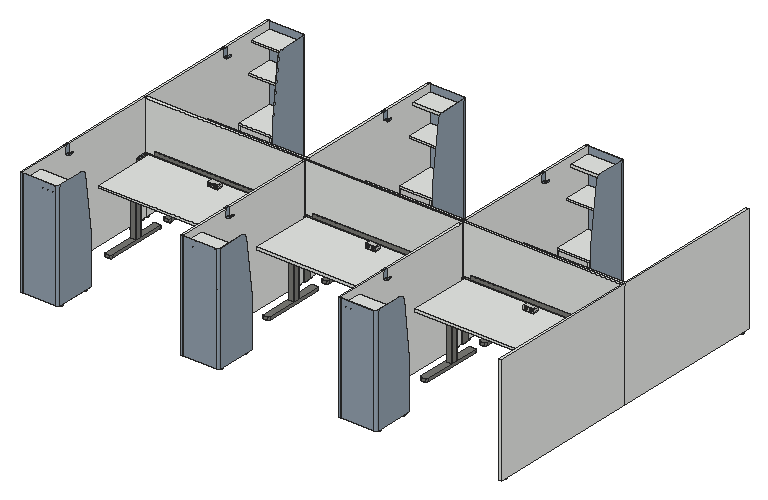
Revit family "Layout-Teknion-Expansion_Cityline_Height_Adjustable_Workstation_10-R2021", category Furniture Systems, Revit 2021
Family settings
  Round Connector Dimension = Use Diameter
  Part Type = Normal
  OmniClass Number = 23.40.70.14.64.21
  OmniClass Title = Systems Furniture
  Work Plane-Based = No
  Always vertical = Yes
  Cut with Voids When Loaded = No
  Shared = Yes
  Room Calculation Point = No
Parameters (values of type "Expansion Cityline Height-Adjustable Workstation 10")
  Warranty = "http://www.teknion.com/ca/papers/legal-canada"
  Unit Weight URL = "http://www.teknion.com/ca/tools/assets#&asset=bee6a381-b954-425e-8283-5a2de3a804f2,f828d448-4b62-4231-9e5f-9a8991c0ed77"
  URL = "www.teknion.com"
  To render please download texture images found here [instance] = "https://assets.teknion.com/web/5e81352c1dfdb467/revit-material-swatches/"
  Sustainability Data = "https://www.teknion.com/ca/tools/assets#&topic=216f99a5-57a0-44fc-b10a-9dee9b29ae4c&asset=444deb64-fe58-4b68-981e-f75e97781df7,b4ff2d81-9f2e-437d-9659-7cffb09c31cf"
  Series = "Expansion Cityline"  # constant formula
  Product Page URL = "https://www.teknionplanningtool.com/#?Expansion-Cityline-HAWorkstation10"
  Product Line = "Expansion Cityline"  # constant formula
  Model = "Expansion Cityline Height-Adjustable Workstation Layout 10"
  Material Finish Note [instance] = "Click on Edit Family to change the finishes."  # constant formula
  Manufacturer Phone = "416-661-3370"  # constant formula
  Manufacturer Fax = "416.661.4586"  # constant formula
  Manufacturer Contact Information = "http://www.teknion.com/ca/contactus"
  Manufacturer Address = "1150 Flint Road, Toronto, ON. M3J 2J5. Canada"  # constant formula
  Manufacturer = "Teknion"  # constant formula
  How To Use Teknion Materials User Guide [instance] = "https://assets.teknion.com/m/205dd0a49fa58060/original/How-to-add-a-Material-Library-and-Texture-Images-to-your-Revit-project.pdf"
  For Additional Finishes please visit [instance] = "https://assets.teknion.com/m/44a8009b046e5d47/original/Teknion_Materials_Library.zip"
  Description = "18'-8 1/2\" x 12'-0\" Overall"
  Default Elevation = 0.000"
  Assembly Code = "E2020200"
Reference planes (in)
  plane 1 "Center F/B": y = 324.47362
  plane 2: z = 0
  plane 3 "Center L/R": x = 413.12116
  plane 4 "Top": z = 50.87824
  plane 5: x = 300.86919
  plane 6: y = 252.41457
  plane 7: y = 396.53267
  plane 8: x = 525.37313
Dimensions and locks (in)
  plane 4 "Top" to level = 50.87824"
  equal spacing: plane 7, plane 1 "Center F/B", plane 6
  plane 7 to plane 6 = 144.1181"
  equal spacing: plane 5, plane 3 "Center L/R", plane 8
  plane 5 to plane 8 = 224.50394"
  aligned and locked: level to plane 2
Nested families (in)
  nested 1: "Screen-Teknion-JNSFOT_Floor_Screen_With_Metal_Tower_Open_Leg_Mounted_Two_Users-R2020" at (301.88494, 324.53271, 0) x (0, 1, 0) z (0, 0, 1), type "51" Datum Height, No Pass-Through, No Accessory"
    with Width 144.000", To render please download texture images found here "https://assets.teknion.com/web/5e81352c1dfdb467/revit-material-swatches/", Screen Finish Laminate - Teknion - 3T -Crisp Grey, Metal Tower Finish Paint - Teknion - CJ - Chroma Metal - Atmosphere, How To Use Teknion Materials User Guide "https://assets.teknion.com/m/205dd0a49fa58060/original/How-to-add-a-Material-Library-and-Texture-Images-to-your-Revit-project.pdf", Hook Finish Paint - Teknion - CJ - Chroma Metal - Atmosphere, Hardware Finish Paint - Teknion - CJ - Chroma Metal - Atmosphere, For Additional Finishes please visit "https://assets.teknion.com/m/44a8009b046e5d47/original/Teknion_Materials_Library.zip", Available Width "132, 144, 156 & 168 Inch"
  nested 2: "Screen-Teknion-JZSFOP_Floor_Screen_With_Metal_Tower_Open_EZ_Fence_Post_Mounted-R2021" at (376.29242, 318.47377, 0) x (0, 1, 0) z (0, 0, 1), type "51" Datum Height, Half-Beam Width Reduction, No Accessory"
    with Width 72.000", To render please download texture images found here "https://assets.teknion.com/web/5e81352c1dfdb467/revit-material-swatches/", Screen Width 70.543", Screen Finish Laminate - Teknion - 3T -Crisp Grey, Metal Tower Finish Paint - Teknion - CJ - Chroma Metal - Atmosphere, How To Use Teknion Materials User Guide "https://assets.teknion.com/m/205dd0a49fa58060/original/How-to-add-a-Material-Library-and-Texture-Images-to-your-Revit-project.pdf", Hook Finish Paint - Teknion - CJ - Chroma Metal - Atmosphere, Hardware Finish Paint - Teknion - CJ - Chroma Metal - Atmosphere, For Additional Finishes please visit "https://assets.teknion.com/m/44a8009b046e5d47/original/Teknion_Materials_Library.zip", Available Width "66, 72, 78 & 84 Inch"
  nested 3: "Screen-Teknion-JZSFOP_Floor_Screen_With_Metal_Tower_Open_EZ_Fence_Post_Mounted-R2021" at (449.9499, 318.47377, 0) x (0, 1, 0) z (0, 0, 1), type "51" Datum Height, Half-Beam Width Reduction, No Accessory"
    with Width 72.000", To render please download texture images found here "https://assets.teknion.com/web/5e81352c1dfdb467/revit-material-swatches/", Screen Width 70.543", Screen Finish Laminate - Teknion - 3T -Crisp Grey, Metal Tower Finish Paint - Teknion - CJ - Chroma Metal - Atmosphere, How To Use Teknion Materials User Guide "https://assets.teknion.com/m/205dd0a49fa58060/original/How-to-add-a-Material-Library-and-Texture-Images-to-your-Revit-project.pdf", Hook Finish Paint - Teknion - CJ - Chroma Metal - Atmosphere, Hardware Finish Paint - Teknion - CJ - Chroma Metal - Atmosphere, For Additional Finishes please visit "https://assets.teknion.com/m/44a8009b046e5d47/original/Teknion_Materials_Library.zip", Available Width "66, 72, 78 & 84 Inch"
  nested 4: "Screen-Teknion-JZSFOP_Floor_Screen_With_Metal_Tower_Open_EZ_Fence_Post_Mounted-R2021" at (376.29242, 330.47347, 0) x (0, -1, 0) z (0, 0, 1), type "51" Datum Height, Half-Beam Width Reduction, No Accessory"
    with Width 72.000", To render please download texture images found here "https://assets.teknion.com/web/5e81352c1dfdb467/revit-material-swatches/", Screen Width 70.543", Screen Finish Laminate - Teknion - 3T -Crisp Grey, Metal Tower Finish Paint - Teknion - CJ - Chroma Metal - Atmosphere, How To Use Teknion Materials User Guide "https://assets.teknion.com/m/205dd0a49fa58060/original/How-to-add-a-Material-Library-and-Texture-Images-to-your-Revit-project.pdf", Hook Finish Paint - Teknion - CJ - Chroma Metal - Atmosphere, Hardware Finish Paint - Teknion - CJ - Chroma Metal - Atmosphere, For Additional Finishes please visit "https://assets.teknion.com/m/44a8009b046e5d47/original/Teknion_Materials_Library.zip", Available Width "66, 72, 78 & 84 Inch"
  nested 5: "Screen-Teknion-JZSFOP_Floor_Screen_With_Metal_Tower_Open_EZ_Fence_Post_Mounted-R2021" at (449.9499, 330.47347, 0) x (0, -1, 0) z (0, 0, 1), type "51" Datum Height, Half-Beam Width Reduction, No Accessory"
    with Width 72.000", To render please download texture images found here "https://assets.teknion.com/web/5e81352c1dfdb467/revit-material-swatches/", Screen Width 70.543", Screen Finish Laminate - Teknion - 3T -Crisp Grey, Metal Tower Finish Paint - Teknion - CJ - Chroma Metal - Atmosphere, How To Use Teknion Materials User Guide "https://assets.teknion.com/m/205dd0a49fa58060/original/How-to-add-a-Material-Library-and-Texture-Images-to-your-Revit-project.pdf", Hook Finish Paint - Teknion - CJ - Chroma Metal - Atmosphere, Hardware Finish Paint - Teknion - CJ - Chroma Metal - Atmosphere, For Additional Finishes please visit "https://assets.teknion.com/m/44a8009b046e5d47/original/Teknion_Materials_Library.zip", Available Width "66, 72, 78 & 84 Inch"
  nested 6: "Screen-Teknion-JNSFST_Floor_Screen_Leg_Mounted_Two_Users-R2020" at (524.35738, 324.47362, 0) x (0, -1, 0) z (0, 0, 1), type "51" Datum Height, No Pass-Through"
    with Width 144.000", To render please download texture images found here "https://assets.teknion.com/web/5e81352c1dfdb467/revit-material-swatches/", Standard Corner yes, Screen Finish Laminate - Teknion - 3T -Crisp Grey, Radius Corner no, How To Use Teknion Materials User Guide "https://assets.teknion.com/m/205dd0a49fa58060/original/How-to-add-a-Material-Library-and-Texture-Images-to-your-Revit-project.pdf", Hardware Finish Paint - Teknion - CJ - Chroma Metal - Atmosphere, For Additional Finishes please visit "https://assets.teknion.com/m/44a8009b046e5d47/original/Teknion_Materials_Library.zip", Corner Detail Option "Select Corner Detail Option. Standard Corner is Default.", Available Width "36, 48, 60, 72, 84, 96, 108, 120, 132, 144, 156 & 168 Inch"
  nested 7: "Support-Teknion-JNXRMH_hiSpace_Quick_Connect_Height_Adjustable_Mechanism_Rectangular-R2021" at (339.0183, 307.32, 0), type "Extended Electric – Extended, 29" Depth, User Optimized Width Configuration"
    with Width 67.000", To render please download texture images found here "https://assets.teknion.com/web/5e81352c1dfdb467/revit-material-swatches/", Powerbar yes, How To Use Teknion Materials User Guide "https://assets.teknion.com/m/205dd0a49fa58060/original/How-to-add-a-Material-Library-and-Texture-Images-to-your-Revit-project.pdf", For Additional Finishes please visit "https://assets.teknion.com/m/44a8009b046e5d47/original/Teknion_Materials_Library.zip", Base Mechanism(Height) 27.811", Base Finish Paint - Teknion - Mica - Anthracite, Available Width "46,49,52,55,58,61,64,67,70 inch", Available Base Mechanism(Height) "22.6 -48.7 inches"
  nested 8: "Worksurface-Teknion-JNXRW_hiSpace_Rectangular_Worksurface_With_Quick_Connect_Kit-R2021" at (339.0183, 307.28071, 0), type "Square Cut-Out - Center"
    with Worksurface Finish Laminate - Teknion - 3T -Crisp Grey, Width Configuration Option "Select Width Configuration. Standard Width are Default", Width Configuration Distance 1.110", Width 67.000", User Optimized Width (Accessory Restriction) yes, To render please download texture images found here "https://assets.teknion.com/web/5e81352c1dfdb467/revit-material-swatches/", Standard Width no, Standard yes, Square Cut-Out - Distance 4.553", Node - Cut-Out Right no, Node - Cut-Out Left no, Node - Cut-Out Center yes, Masking Region - Standard Corner, SR no, Masking Region - Standard Corner, SL no, Masking Region - Standard Corner, SC yes, Masking Region - Standard Corner, NN no, Masking Region - Standard Corner, DR no, Masking Region - Standard Corner, DL no, Masking Region - Standard Corner, DC no, Masking Region - Standard Corner, CR no, Masking Region - Standard Corner, CL no, Masking Region - Curved Corner, SR no, Masking Region - Curved Corner, SL no, Masking Region - Curved Corner, SC no, Masking Region - Curved Corner, NN no, Masking Region - Curved Corner, DR no, Masking Region - Curved Corner, DL no, Masking Region - Curved Corner, DC no, Masking Region - Curved Corner, CR no, Masking Region - Curved Corner, CL no, How To Use Teknion Materials User Guide "https://assets.teknion.com/m/205dd0a49fa58060/original/How-to-add-a-Material-Library-and-Texture-Images-to-your-Revit-project.pdf", Frame Finish Paint - Teknion - Mica - Anthracite, For Additional Finishes please visit "https://assets.teknion.com/m/44a8009b046e5d47/original/Teknion_Materials_Library.zip", Diamond Cut-Out - Distance 3.358", Depth 29.000", Curved no, Corner Detail Option "Select Corner Detail. Curved are Default", Available Width "46, 49, 52, 55, 58, 61, 64, 67 & 70 Inch", Available Depth "23 & 29 Inch"
  nested 9: "Support-Teknion-JNXRMH_hiSpace_Quick_Connect_Height_Adjustable_Mechanism_Rectangular-R2021" at (412.67579, 307.32, 0), type "Extended Electric – Extended, 29" Depth, User Optimized Width Configuration"
    with Width 67.000", To render please download texture images found here "https://assets.teknion.com/web/5e81352c1dfdb467/revit-material-swatches/", Powerbar yes, How To Use Teknion Materials User Guide "https://assets.teknion.com/m/205dd0a49fa58060/original/How-to-add-a-Material-Library-and-Texture-Images-to-your-Revit-project.pdf", For Additional Finishes please visit "https://assets.teknion.com/m/44a8009b046e5d47/original/Teknion_Materials_Library.zip", Base Mechanism(Height) 27.811", Base Finish Paint - Teknion - Mica - Anthracite, Available Width "46,49,52,55,58,61,64,67,70 inch", Available Base Mechanism(Height) "22.6 -48.7 inches"
  nested 10: "Worksurface-Teknion-JNXRW_hiSpace_Rectangular_Worksurface_With_Quick_Connect_Kit-R2021" at (412.67579, 307.28071, 0), type "Square Cut-Out - Center"
    with Worksurface Finish Laminate - Teknion - 3T -Crisp Grey, Width Configuration Option "Select Width Configuration. Standard Width are Default", Width Configuration Distance 1.110", Width 67.000", User Optimized Width (Accessory Restriction) yes, To render please download texture images found here "https://assets.teknion.com/web/5e81352c1dfdb467/revit-material-swatches/", Standard Width no, Standard yes, Square Cut-Out - Distance 4.553", Node - Cut-Out Right no, Node - Cut-Out Left no, Node - Cut-Out Center yes, Masking Region - Standard Corner, SR no, Masking Region - Standard Corner, SL no, Masking Region - Standard Corner, SC yes, Masking Region - Standard Corner, NN no, Masking Region - Standard Corner, DR no, Masking Region - Standard Corner, DL no, Masking Region - Standard Corner, DC no, Masking Region - Standard Corner, CR no, Masking Region - Standard Corner, CL no, Masking Region - Curved Corner, SR no, Masking Region - Curved Corner, SL no, Masking Region - Curved Corner, SC no, Masking Region - Curved Corner, NN no, Masking Region - Curved Corner, DR no, Masking Region - Curved Corner, DL no, Masking Region - Curved Corner, DC no, Masking Region - Curved Corner, CR no, Masking Region - Curved Corner, CL no, How To Use Teknion Materials User Guide "https://assets.teknion.com/m/205dd0a49fa58060/original/How-to-add-a-Material-Library-and-Texture-Images-to-your-Revit-project.pdf", Frame Finish Paint - Teknion - Mica - Anthracite, For Additional Finishes please visit "https://assets.teknion.com/m/44a8009b046e5d47/original/Teknion_Materials_Library.zip", Diamond Cut-Out - Distance 3.358", Depth 29.000", Curved no, Corner Detail Option "Select Corner Detail. Curved are Default", Available Width "46, 49, 52, 55, 58, 61, 64, 67 & 70 Inch", Available Depth "23 & 29 Inch"
  nested 11: "Support-Teknion-JNXRMH_hiSpace_Quick_Connect_Height_Adjustable_Mechanism_Rectangular-R2021" at (486.33327, 307.32, 0), type "Extended Electric – Extended, 29" Depth, User Optimized Width Configuration"
    with Width 67.000", To render please download texture images found here "https://assets.teknion.com/web/5e81352c1dfdb467/revit-material-swatches/", Powerbar yes, How To Use Teknion Materials User Guide "https://assets.teknion.com/m/205dd0a49fa58060/original/How-to-add-a-Material-Library-and-Texture-Images-to-your-Revit-project.pdf", For Additional Finishes please visit "https://assets.teknion.com/m/44a8009b046e5d47/original/Teknion_Materials_Library.zip", Base Mechanism(Height) 27.811", Base Finish Paint - Teknion - Mica - Anthracite, Available Width "46,49,52,55,58,61,64,67,70 inch", Available Base Mechanism(Height) "22.6 -48.7 inches"
  nested 12: "Worksurface-Teknion-JNXRW_hiSpace_Rectangular_Worksurface_With_Quick_Connect_Kit-R2021" at (486.33327, 307.28071, 0), type "Square Cut-Out - Center"
    with Worksurface Finish Laminate - Teknion - 3T -Crisp Grey, Width Configuration Option "Select Width Configuration. Standard Width are Default", Width Configuration Distance 1.110", Width 67.000", User Optimized Width (Accessory Restriction) yes, To render please download texture images found here "https://assets.teknion.com/web/5e81352c1dfdb467/revit-material-swatches/", Standard Width no, Standard yes, Square Cut-Out - Distance 4.553", Node - Cut-Out Right no, Node - Cut-Out Left no, Node - Cut-Out Center yes, Masking Region - Standard Corner, SR no, Masking Region - Standard Corner, SL no, Masking Region - Standard Corner, SC yes, Masking Region - Standard Corner, NN no, Masking Region - Standard Corner, DR no, Masking Region - Standard Corner, DL no, Masking Region - Standard Corner, DC no, Masking Region - Standard Corner, CR no, Masking Region - Standard Corner, CL no, Masking Region - Curved Corner, SR no, Masking Region - Curved Corner, SL no, Masking Region - Curved Corner, SC no, Masking Region - Curved Corner, NN no, Masking Region - Curved Corner, DR no, Masking Region - Curved Corner, DL no, Masking Region - Curved Corner, DC no, Masking Region - Curved Corner, CR no, Masking Region - Curved Corner, CL no, How To Use Teknion Materials User Guide "https://assets.teknion.com/m/205dd0a49fa58060/original/How-to-add-a-Material-Library-and-Texture-Images-to-your-Revit-project.pdf", Frame Finish Paint - Teknion - Mica - Anthracite, For Additional Finishes please visit "https://assets.teknion.com/m/44a8009b046e5d47/original/Teknion_Materials_Library.zip", Diamond Cut-Out - Distance 3.358", Depth 29.000", Curved no, Corner Detail Option "Select Corner Detail. Curved are Default", Available Width "46, 49, 52, 55, 58, 61, 64, 67 & 70 Inch", Available Depth "23 & 29 Inch"
  nested 13: "Support-Teknion-JNXRMH_hiSpace_Quick_Connect_Height_Adjustable_Mechanism_Rectangular-R2021" at (486.33326, 341.62724, 0) x (-1, 0, 0) z (0, 0, 1), type "Extended Electric – Extended, 29" Depth, User Optimized Width Configuration"
    with Width 67.000", To render please download texture images found here "https://assets.teknion.com/web/5e81352c1dfdb467/revit-material-swatches/", Powerbar yes, How To Use Teknion Materials User Guide "https://assets.teknion.com/m/205dd0a49fa58060/original/How-to-add-a-Material-Library-and-Texture-Images-to-your-Revit-project.pdf", For Additional Finishes please visit "https://assets.teknion.com/m/44a8009b046e5d47/original/Teknion_Materials_Library.zip", Base Mechanism(Height) 27.811", Base Finish Paint - Teknion - Mica - Anthracite, Available Width "46,49,52,55,58,61,64,67,70 inch", Available Base Mechanism(Height) "22.6 -48.7 inches"
  nested 14: "Worksurface-Teknion-JNXRW_hiSpace_Rectangular_Worksurface_With_Quick_Connect_Kit-R2021" at (486.33326, 341.66653, 0) x (-1, 0, 0) z (0, 0, 1), type "Square Cut-Out - Center"
    with Worksurface Finish Laminate - Teknion - 3T -Crisp Grey, Width Configuration Option "Select Width Configuration. Standard Width are Default", Width Configuration Distance 1.110", Width 67.000", User Optimized Width (Accessory Restriction) yes, To render please download texture images found here "https://assets.teknion.com/web/5e81352c1dfdb467/revit-material-swatches/", Standard Width no, Standard yes, Square Cut-Out - Distance 4.553", Node - Cut-Out Right no, Node - Cut-Out Left no, Node - Cut-Out Center yes, Masking Region - Standard Corner, SR no, Masking Region - Standard Corner, SL no, Masking Region - Standard Corner, SC yes, Masking Region - Standard Corner, NN no, Masking Region - Standard Corner, DR no, Masking Region - Standard Corner, DL no, Masking Region - Standard Corner, DC no, Masking Region - Standard Corner, CR no, Masking Region - Standard Corner, CL no, Masking Region - Curved Corner, SR no, Masking Region - Curved Corner, SL no, Masking Region - Curved Corner, SC no, Masking Region - Curved Corner, NN no, Masking Region - Curved Corner, DR no, Masking Region - Curved Corner, DL no, Masking Region - Curved Corner, DC no, Masking Region - Curved Corner, CR no, Masking Region - Curved Corner, CL no, How To Use Teknion Materials User Guide "https://assets.teknion.com/m/205dd0a49fa58060/original/How-to-add-a-Material-Library-and-Texture-Images-to-your-Revit-project.pdf", Frame Finish Paint - Teknion - Mica - Anthracite, For Additional Finishes please visit "https://assets.teknion.com/m/44a8009b046e5d47/original/Teknion_Materials_Library.zip", Diamond Cut-Out - Distance 3.358", Depth 29.000", Curved no, Corner Detail Option "Select Corner Detail. Curved are Default", Available Width "46, 49, 52, 55, 58, 61, 64, 67 & 70 Inch", Available Depth "23 & 29 Inch"
  nested 15: "Support-Teknion-JNXRMH_hiSpace_Quick_Connect_Height_Adjustable_Mechanism_Rectangular-R2021" at (412.67578, 341.62724, 0) x (-1, 0, 0) z (0, 0, 1), type "Extended Electric – Extended, 29" Depth, User Optimized Width Configuration"
    with Width 67.000", To render please download texture images found here "https://assets.teknion.com/web/5e81352c1dfdb467/revit-material-swatches/", Powerbar yes, How To Use Teknion Materials User Guide "https://assets.teknion.com/m/205dd0a49fa58060/original/How-to-add-a-Material-Library-and-Texture-Images-to-your-Revit-project.pdf", For Additional Finishes please visit "https://assets.teknion.com/m/44a8009b046e5d47/original/Teknion_Materials_Library.zip", Base Mechanism(Height) 27.811", Base Finish Paint - Teknion - Mica - Anthracite, Available Width "46,49,52,55,58,61,64,67,70 inch", Available Base Mechanism(Height) "22.6 -48.7 inches"
  nested 16: "Worksurface-Teknion-JNXRW_hiSpace_Rectangular_Worksurface_With_Quick_Connect_Kit-R2021" at (412.67578, 341.66653, 0) x (-1, 0, 0) z (0, 0, 1), type "Square Cut-Out - Center"
    with Worksurface Finish Laminate - Teknion - 3T -Crisp Grey, Width Configuration Option "Select Width Configuration. Standard Width are Default", Width Configuration Distance 1.110", Width 67.000", User Optimized Width (Accessory Restriction) yes, To render please download texture images found here "https://assets.teknion.com/web/5e81352c1dfdb467/revit-material-swatches/", Standard Width no, Standard yes, Square Cut-Out - Distance 4.553", Node - Cut-Out Right no, Node - Cut-Out Left no, Node - Cut-Out Center yes, Masking Region - Standard Corner, SR no, Masking Region - Standard Corner, SL no, Masking Region - Standard Corner, SC yes, Masking Region - Standard Corner, NN no, Masking Region - Standard Corner, DR no, Masking Region - Standard Corner, DL no, Masking Region - Standard Corner, DC no, Masking Region - Standard Corner, CR no, Masking Region - Standard Corner, CL no, Masking Region - Curved Corner, SR no, Masking Region - Curved Corner, SL no, Masking Region - Curved Corner, SC no, Masking Region - Curved Corner, NN no, Masking Region - Curved Corner, DR no, Masking Region - Curved Corner, DL no, Masking Region - Curved Corner, DC no, Masking Region - Curved Corner, CR no, Masking Region - Curved Corner, CL no, How To Use Teknion Materials User Guide "https://assets.teknion.com/m/205dd0a49fa58060/original/How-to-add-a-Material-Library-and-Texture-Images-to-your-Revit-project.pdf", Frame Finish Paint - Teknion - Mica - Anthracite, For Additional Finishes please visit "https://assets.teknion.com/m/44a8009b046e5d47/original/Teknion_Materials_Library.zip", Diamond Cut-Out - Distance 3.358", Depth 29.000", Curved no, Corner Detail Option "Select Corner Detail. Curved are Default", Available Width "46, 49, 52, 55, 58, 61, 64, 67 & 70 Inch", Available Depth "23 & 29 Inch"
  nested 17: "Support-Teknion-JNXRMH_hiSpace_Quick_Connect_Height_Adjustable_Mechanism_Rectangular-R2021" at (339.0183, 341.62724, 0) x (-1, 0, 0) z (0, 0, 1), type "Extended Electric – Extended, 29" Depth, User Optimized Width Configuration"
    with Width 67.000", To render please download texture images found here "https://assets.teknion.com/web/5e81352c1dfdb467/revit-material-swatches/", Powerbar yes, How To Use Teknion Materials User Guide "https://assets.teknion.com/m/205dd0a49fa58060/original/How-to-add-a-Material-Library-and-Texture-Images-to-your-Revit-project.pdf", For Additional Finishes please visit "https://assets.teknion.com/m/44a8009b046e5d47/original/Teknion_Materials_Library.zip", Base Mechanism(Height) 27.811", Base Finish Paint - Teknion - Mica - Anthracite, Available Width "46,49,52,55,58,61,64,67,70 inch", Available Base Mechanism(Height) "22.6 -48.7 inches"
  nested 18: "Worksurface-Teknion-JNXRW_hiSpace_Rectangular_Worksurface_With_Quick_Connect_Kit-R2021" at (339.0183, 341.66653, 0) x (-1, 0, 0) z (0, 0, 1), type "Square Cut-Out - Center"
    with Worksurface Finish Laminate - Teknion - 3T -Crisp Grey, Width Configuration Option "Select Width Configuration. Standard Width are Default", Width Configuration Distance 1.110", Width 67.000", User Optimized Width (Accessory Restriction) yes, To render please download texture images found here "https://assets.teknion.com/web/5e81352c1dfdb467/revit-material-swatches/", Standard Width no, Standard yes, Square Cut-Out - Distance 4.553", Node - Cut-Out Right no, Node - Cut-Out Left no, Node - Cut-Out Center yes, Masking Region - Standard Corner, SR no, Masking Region - Standard Corner, SL no, Masking Region - Standard Corner, SC yes, Masking Region - Standard Corner, NN no, Masking Region - Standard Corner, DR no, Masking Region - Standard Corner, DL no, Masking Region - Standard Corner, DC no, Masking Region - Standard Corner, CR no, Masking Region - Standard Corner, CL no, Masking Region - Curved Corner, SR no, Masking Region - Curved Corner, SL no, Masking Region - Curved Corner, SC no, Masking Region - Curved Corner, NN no, Masking Region - Curved Corner, DR no, Masking Region - Curved Corner, DL no, Masking Region - Curved Corner, DC no, Masking Region - Curved Corner, CR no, Masking Region - Curved Corner, CL no, How To Use Teknion Materials User Guide "https://assets.teknion.com/m/205dd0a49fa58060/original/How-to-add-a-Material-Library-and-Texture-Images-to-your-Revit-project.pdf", Frame Finish Paint - Teknion - Mica - Anthracite, For Additional Finishes please visit "https://assets.teknion.com/m/44a8009b046e5d47/original/Teknion_Materials_Library.zip", Diamond Cut-Out - Distance 3.358", Depth 29.000", Curved no, Corner Detail Option "Select Corner Detail. Curved are Default", Available Width "46, 49, 52, 55, 58, 61, 64, 67 & 70 Inch", Available Depth "23 & 29 Inch"
  nested 19: "Desk_Structures-Teknion-JZSFS_EZ_Fence_Leg-R2021" at (301.8062, 324.47362, 0), type "End"
    with With Top Cover no, Top Option "Select Top Option. Has Top Cover is default.", To render please download texture images found here "https://assets.teknion.com/web/5e81352c1dfdb467/revit-material-swatches/", No Top Cover yes, How To Use Teknion Materials User Guide "https://assets.teknion.com/m/205dd0a49fa58060/original/How-to-add-a-Material-Library-and-Texture-Images-to-your-Revit-project.pdf", Frame Finish Paint - Teknion - Mica - Anthracite, For Additional Finishes please visit "https://assets.teknion.com/m/44a8009b046e5d47/original/Teknion_Materials_Library.zip", 2D - In-Line with Top Cover no, 2D - In-Line w/o Top Cover no, 2D - End with Top Cover no, 2D - End w/o Top Cover yes
  nested 20: "Desk_Structures-Teknion-JZSFS_EZ_Fence_Leg-R2021" at (524.43612, 324.47362, 0) x (-1, 0, 0) z (0, 0, 1), type "End"
    with With Top Cover no, Top Option "Select Top Option. Has Top Cover is default.", To render please download texture images found here "https://assets.teknion.com/web/5e81352c1dfdb467/revit-material-swatches/", No Top Cover yes, How To Use Teknion Materials User Guide "https://assets.teknion.com/m/205dd0a49fa58060/original/How-to-add-a-Material-Library-and-Texture-Images-to-your-Revit-project.pdf", Frame Finish Paint - Teknion - Mica - Anthracite, For Additional Finishes please visit "https://assets.teknion.com/m/44a8009b046e5d47/original/Teknion_Materials_Library.zip", 2D - In-Line with Top Cover no, 2D - In-Line w/o Top Cover no, 2D - End with Top Cover no, 2D - End w/o Top Cover yes
  nested 21: "Desk_Structure-Teknion-JZSBB_EZ_Fence_Beam-R2021" at (295.8067, 324.47362, 0), type "No Opening"
    with Width 72.000", To render please download texture images found here "https://assets.teknion.com/web/5e81352c1dfdb467/revit-material-swatches/", Screen Cut-Out 1.000", Right Power Opening Cut out 0.100", Right Opening Position no, Right Data Opening Cut out 0.100", Power and Data Openning Option "Please select one configuration below", No Screen no, Lift & Drop Tile Cut-Out 0.500", Lift & Drop Tile no, Left Power Opening Cut Out 0.100", Left Opening Position no, Left Data Opening Cut out 0.090", How To Use Teknion Materials User Guide "https://assets.teknion.com/m/205dd0a49fa58060/original/How-to-add-a-Material-Library-and-Texture-Images-to-your-Revit-project.pdf", For Additional Finishes please visit "https://assets.teknion.com/m/44a8009b046e5d47/original/Teknion_Materials_Library.zip", Finish Paint - Teknion - Mica - Anthracite, EZ Add-On Screen yes, Database Notes "When Power and Data Opening (NN) is selected, then Opening Position C-L-R are not available. When Power and Data Opening (DO) - (DT) - (PO) - (PT) is selected, then Opening Position N is not available. When width 48-54-60 and Power and Data Opening (DO) - (DT) - (PO) - (PT) are selected, then Opening Position C is not available ", Configuration Option "Please select one configuration below", Center Power Opening Cut Out 0.100", Center Opening Position no, Center Data Opening Cut Out 0.090", Available Width "48, 54, 60, 66,72, 78, 84 Inch", Actual Width 72.157", 2D Right Power two sided opening no, 2D Right Power one sided opening no, 2D Right Data two sided opening no, 2D Right Data one sided opening no, 2D Left Power two sided opening no, 2D Left Power one sided opening no, 2D Left Data two sided opening no, 2D Left Data one sided opening no, 2D Center Power two sided opening no, 2D Center Power one sided opening no, 2D Center Data two sided opening no, 2D Center Data one sided opening no
  nested 22: "Desk_Structure-Teknion-JZSBB_EZ_Fence_Beam-R2021" at (443.12066, 324.47362, 0), type "No Opening"
    with Width 72.000", To render please download texture images found here "https://assets.teknion.com/web/5e81352c1dfdb467/revit-material-swatches/", Screen Cut-Out 1.000", Right Power Opening Cut out 0.100", Right Opening Position no, Right Data Opening Cut out 0.100", Power and Data Openning Option "Please select one configuration below", No Screen no, Lift & Drop Tile Cut-Out 0.500", Lift & Drop Tile no, Left Power Opening Cut Out 0.100", Left Opening Position no, Left Data Opening Cut out 0.090", How To Use Teknion Materials User Guide "https://assets.teknion.com/m/205dd0a49fa58060/original/How-to-add-a-Material-Library-and-Texture-Images-to-your-Revit-project.pdf", For Additional Finishes please visit "https://assets.teknion.com/m/44a8009b046e5d47/original/Teknion_Materials_Library.zip", Finish Paint - Teknion - Mica - Anthracite, EZ Add-On Screen yes, Database Notes "When Power and Data Opening (NN) is selected, then Opening Position C-L-R are not available. When Power and Data Opening (DO) - (DT) - (PO) - (PT) is selected, then Opening Position N is not available. When width 48-54-60 and Power and Data Opening (DO) - (DT) - (PO) - (PT) are selected, then Opening Position C is not available ", Configuration Option "Please select one configuration below", Center Power Opening Cut Out 0.100", Center Opening Position no, Center Data Opening Cut Out 0.090", Available Width "48, 54, 60, 66,72, 78, 84 Inch", Actual Width 72.157", 2D Right Power two sided opening no, 2D Right Power one sided opening no, 2D Right Data two sided opening no, 2D Right Data one sided opening no, 2D Left Power two sided opening no, 2D Left Power one sided opening no, 2D Left Data two sided opening no, 2D Left Data one sided opening no, 2D Center Power two sided opening no, 2D Center Power one sided opening no, 2D Center Data two sided opening no, 2D Center Data one sided opening no
  nested 23: "Desk_Structure-Teknion-JZSBB_EZ_Fence_Beam-R2021" at (369.46418, 324.4734, 0), type "No Opening"
    with Width 72.000", To render please download texture images found here "https://assets.teknion.com/web/5e81352c1dfdb467/revit-material-swatches/", Screen Cut-Out 1.000", Right Power Opening Cut out 0.100", Right Opening Position no, Right Data Opening Cut out 0.100", Power and Data Openning Option "Please select one configuration below", No Screen no, Lift & Drop Tile Cut-Out 0.500", Lift & Drop Tile no, Left Power Opening Cut Out 0.100", Left Opening Position no, Left Data Opening Cut out 0.090", How To Use Teknion Materials User Guide "https://assets.teknion.com/m/205dd0a49fa58060/original/How-to-add-a-Material-Library-and-Texture-Images-to-your-Revit-project.pdf", For Additional Finishes please visit "https://assets.teknion.com/m/44a8009b046e5d47/original/Teknion_Materials_Library.zip", Finish Paint - Teknion - Mica - Anthracite, EZ Add-On Screen yes, Database Notes "When Power and Data Opening (NN) is selected, then Opening Position C-L-R are not available. When Power and Data Opening (DO) - (DT) - (PO) - (PT) is selected, then Opening Position N is not available. When width 48-54-60 and Power and Data Opening (DO) - (DT) - (PO) - (PT) are selected, then Opening Position C is not available ", Configuration Option "Please select one configuration below", Center Power Opening Cut Out 0.100", Center Opening Position no, Center Data Opening Cut Out 0.090", Available Width "48, 54, 60, 66,72, 78, 84 Inch", Actual Width 72.157", 2D Right Power two sided opening no, 2D Right Power one sided opening no, 2D Right Data two sided opening no, 2D Right Data one sided opening no, 2D Left Power two sided opening no, 2D Left Power one sided opening no, 2D Left Data two sided opening no, 2D Left Data one sided opening no, 2D Center Power two sided opening no, 2D Center Power one sided opening no, 2D Center Data two sided opening no, 2D Center Data one sided opening no
  nested 24: "Desk_Structures-Teknion-JZSPS_EZ_Fence_Post_With_Screen_Connection-R2020" at (375.46368, 324.4734, 0), type "EZ Fence Post With Screen Connection"
    with To render please download texture images found here "https://assets.teknion.com/web/5e81352c1dfdb467/revit-material-swatches/", How To Use Teknion Materials User Guide "https://assets.teknion.com/m/205dd0a49fa58060/original/How-to-add-a-Material-Library-and-Texture-Images-to-your-Revit-project.pdf", For Additional Finishes please visit "https://assets.teknion.com/m/44a8009b046e5d47/original/Teknion_Materials_Library.zip", Finish Paint - Teknion - Mica - Anthracite
  nested 25: "Desk_Structures-Teknion-JZSPS_EZ_Fence_Post_With_Screen_Connection-R2020" at (449.12116, 324.4734, 0), type "EZ Fence Post With Screen Connection"
    with To render please download texture images found here "https://assets.teknion.com/web/5e81352c1dfdb467/revit-material-swatches/", How To Use Teknion Materials User Guide "https://assets.teknion.com/m/205dd0a49fa58060/original/How-to-add-a-Material-Library-and-Texture-Images-to-your-Revit-project.pdf", For Additional Finishes please visit "https://assets.teknion.com/m/44a8009b046e5d47/original/Teknion_Materials_Library.zip", Finish Paint - Teknion - Mica - Anthracite
  nested 26: "Screen-Teknion-JZSASB_Solid_Add_On_Screen_EZ_Fence_Beam_Mounted-R2021" at (297.46448, 324.47362, 0), type "Standard Beam Height (28"), 51" Datum Height"
    with Without Alignment Holes yes, With Alignment Holes no, Width 72.000", To render please download texture images found here "https://assets.teknion.com/web/5e81352c1dfdb467/revit-material-swatches/", Standard yes, Screen Finish Laminate - Teknion - 3T -Crisp Grey, Radius no, In-line no, How To Use Teknion Materials User Guide "https://assets.teknion.com/m/205dd0a49fa58060/original/How-to-add-a-Material-Library-and-Texture-Images-to-your-Revit-project.pdf", For Additional Finishes please visit "https://assets.teknion.com/m/44a8009b046e5d47/original/Teknion_Materials_Library.zip", End Corner Detail Option "Select One End Corner Detail Option. Radius Coner is Not Available for In-line Configuration.", End yes, Cut-Out - Alignment Holes - Right 0.200", Cut-Out - Alignment Holes - Left 0.200", Cover Gap 5.002", Cover Finish Paint - Teknion - Mica - Anthracite, Configuration Option "Select Configuration Option. End Configuration is Default.", Available Width "48, 54, 60, 66, 72, 78 & 84 Inch", Alignment Holes Option "Select Alignment Holes Option. Without Alignment Holes is Default.", Actual Width 74.408", 2D - Hole - Right no, 2D - Hole - Left no
  nested 27: "Screen-Teknion-JZSASB_Solid_Add_On_Screen_EZ_Fence_Beam_Mounted-R2021" at (444.77844, 324.47362, 0), type "Standard Beam Height (28"), 51" Datum Height"
    with Without Alignment Holes yes, With Alignment Holes no, Width 72.000", To render please download texture images found here "https://assets.teknion.com/web/5e81352c1dfdb467/revit-material-swatches/", Standard yes, Screen Finish Laminate - Teknion - 3T -Crisp Grey, Radius no, In-line no, How To Use Teknion Materials User Guide "https://assets.teknion.com/m/205dd0a49fa58060/original/How-to-add-a-Material-Library-and-Texture-Images-to-your-Revit-project.pdf", For Additional Finishes please visit "https://assets.teknion.com/m/44a8009b046e5d47/original/Teknion_Materials_Library.zip", End Corner Detail Option "Select One End Corner Detail Option. Radius Coner is Not Available for In-line Configuration.", End yes, Cut-Out - Alignment Holes - Right 0.200", Cut-Out - Alignment Holes - Left 0.200", Cover Gap 5.002", Cover Finish Paint - Teknion - Mica - Anthracite, Configuration Option "Select Configuration Option. End Configuration is Default.", Available Width "48, 54, 60, 66, 72, 78 & 84 Inch", Alignment Holes Option "Select Alignment Holes Option. Without Alignment Holes is Default.", Actual Width 74.408", 2D - Hole - Right no, 2D - Hole - Left no
  nested 28: "Screen-Teknion-JZSASB_Solid_Add_On_Screen_EZ_Fence_Beam_Mounted-R2021" at (371.49596, 324.4734, 0), type "Standard Beam Height (28"), 51" Datum Height"
    with Without Alignment Holes yes, With Alignment Holes no, Width 72.000", To render please download texture images found here "https://assets.teknion.com/web/5e81352c1dfdb467/revit-material-swatches/", Standard yes, Screen Finish Laminate - Teknion - 3T -Crisp Grey, Radius no, In-line yes, How To Use Teknion Materials User Guide "https://assets.teknion.com/m/205dd0a49fa58060/original/How-to-add-a-Material-Library-and-Texture-Images-to-your-Revit-project.pdf", For Additional Finishes please visit "https://assets.teknion.com/m/44a8009b046e5d47/original/Teknion_Materials_Library.zip", End Corner Detail Option "Select One End Corner Detail Option. Radius Coner is Not Available for In-line Configuration.", End no, Cut-Out - Alignment Holes - Right 0.200", Cut-Out - Alignment Holes - Left 0.200", Cover Gap 4.252", Cover Finish Paint - Teknion - Mica - Anthracite, Configuration Option "Select Configuration Option. End Configuration is Default.", Available Width "48, 54, 60, 66, 72, 78 & 84 Inch", Alignment Holes Option "Select Alignment Holes Option. Without Alignment Holes is Default.", Actual Width 73.658", 2D - Hole - Right no, 2D - Hole - Left no
  nested 29: "Electrical-Teknion-JNEPC_Power_Cube-R2015" at (412.67579, 318.27874, 29), type "Dual - Power Only"
    with Worksurface Thickness 1.1875", Width 5.000", Right Power/USB Charger 0.5625", Right Power Hole Depth 0.84375", Right Power Hole - Quad Depth 0.5625", Right Offset 0.77344", Power Cube - Case and Front Finish Paint - Teknion - Foundation - Soft Gris, Left Power Hole Depth 0.84375", Left Offset 0.67578", Data Hole Depth 0.5625"
  nested 30: "Electrical-Teknion-JNEPC_Power_Cube-R2015" at (339.0183, 318.27874, 29), type "Dual - Power Only"
    with Worksurface Thickness 1.1875", Width 5.000", Right Power/USB Charger 0.5625", Right Power Hole Depth 0.84375", Right Power Hole - Quad Depth 0.5625", Right Offset 0.77344", Power Cube - Case and Front Finish Paint - Teknion - Foundation - Soft Gris, Left Power Hole Depth 0.84375", Left Offset 0.67578", Data Hole Depth 0.5625"
  nested 31: "Electrical-Teknion-JNEPC_Power_Cube-R2015" at (486.33327, 318.27874, 29), type "Dual - Power Only"
    with Worksurface Thickness 1.1875", Width 5.000", Right Power/USB Charger 0.5625", Right Power Hole Depth 0.84375", Right Power Hole - Quad Depth 0.5625", Right Offset 0.77344", Power Cube - Case and Front Finish Paint - Teknion - Foundation - Soft Gris, Left Power Hole Depth 0.84375", Left Offset 0.67578", Data Hole Depth 0.5625"
  nested 32: "Electrical-Teknion-JNEPC_Power_Cube-R2015" at (486.33326, 330.6685, 29) x (-1, 0, 0) z (0, 0, 1), type "Dual - Power Only"
    with Worksurface Thickness 1.1875", Width 5.000", Right Power/USB Charger 0.5625", Right Power Hole Depth 0.84375", Right Power Hole - Quad Depth 0.5625", Right Offset 0.77344", Power Cube - Case and Front Finish Paint - Teknion - Foundation - Soft Gris, Left Power Hole Depth 0.84375", Left Offset 0.67578", Data Hole Depth 0.5625"
  nested 33: "Electrical-Teknion-JNEPC_Power_Cube-R2015" at (412.67578, 330.6685, 29) x (-1, 0, 0) z (0, 0, 1), type "Dual - Power Only"
    with Worksurface Thickness 1.1875", Width 5.000", Right Power/USB Charger 0.5625", Right Power Hole Depth 0.84375", Right Power Hole - Quad Depth 0.5625", Right Offset 0.77344", Power Cube - Case and Front Finish Paint - Teknion - Foundation - Soft Gris, Left Power Hole Depth 0.84375", Left Offset 0.67578", Data Hole Depth 0.5625"
  nested 34: "Electrical-Teknion-JNEPC_Power_Cube-R2015" at (339.0183, 330.6685, 29) x (-1, 0, 0) z (0, 0, 1), type "Dual - Power Only"
    with Worksurface Thickness 1.1875", Width 5.000", Right Power/USB Charger 0.5625", Right Power Hole Depth 0.84375", Right Power Hole - Quad Depth 0.5625", Right Offset 0.77344", Power Cube - Case and Front Finish Paint - Teknion - Foundation - Soft Gris, Left Power Hole Depth 0.84375", Left Offset 0.67578", Data Hole Depth 0.5625"
Definition of nested family "Screen-Teknion-JNSFOT_Floor_Screen_With_Metal_Tower_Open_Leg_Mounted_Two_Users-R2020"
  Parameters (values of type "51" Datum Height, No Pass-Through, No Accessory")
    Width [instance] = 168.000"
    Warranty = "http://www.teknion.com/ca/papers/legal-canada"
    Unit Weight URL = "http://www.teknion.com/ca/tools/assets#&asset=bee6a381-b954-425e-8283-5a2de3a804f2,f828d448-4b62-4231-9e5f-9a8991c0ed77"
    URL = "www.teknion.com"
    To render please download texture images found here [instance] = "https://assets.teknion.com/web/5e81352c1dfdb467/revit-material-swatches/"
    Sustainability Data = "https://www.teknion.com/ca/tools/assets#&topic=216f99a5-57a0-44fc-b10a-9dee9b29ae4c&asset=444deb64-fe58-4b68-981e-f75e97781df7,b4ff2d81-9f2e-437d-9659-7cffb09c31cf"
    Standard-Height Pass-Through = no
    Shelve 2 Distance = if(Datum Height = 50.831", 16.016", if(Datum Height = 57.000", 18.516", 18.516"))  # 16.016"
    Series = "Expansion Cityline"  # constant formula
    Screen Finish [instance] = none
    Round Corner Cut-Out = if(Datum Height = 50.831", 13.641", if(Datum Height = 57.000", 12.829", 12.829"))  # 13.641"
    Product Page URL = "https://www.teknion.com/ca/products/product-details?productLineId=9ad2a26e-8e7a-673b-a6c8-ff05004460c4"
    Product Line = "Leg-Mounted Screens"  # constant formula
    Product Documentation Link = "https://www.teknion.com/pricing/expansion-cityline/pdfs/JNSFOT_ppg.pdf"
    Part Number = "JNSFOT"  # constant formula
    No Pass-Through = yes
    Model = "JNSFOT51_NN"
    Metal Tower Finish [instance] = none
    Manufacturer Phone = "416-661-3370"  # constant formula
    Manufacturer Fax = "416.661.4586"  # constant formula
    Manufacturer Contact Information = "http://www.teknion.com/ca/contactus"
    Manufacturer Address = "1150 Flint Road, Toronto, ON. M3J 2J5. Canada"  # constant formula
    Manufacturer = "Teknion"  # constant formula
    How To Use Teknion Materials User Guide [instance] = "https://assets.teknion.com/m/205dd0a49fa58060/original/How-to-add-a-Material-Library-and-Texture-Images-to-your-Revit-project.pdf"
    Hook Finish [instance] = none
    Hardware Finish [instance] = none
    For Additional Finishes please visit [instance] = "https://assets.teknion.com/m/44a8009b046e5d47/original/Teknion_Materials_Library.zip"
    Description = "Floor Screen With Metal Tower - Open - Leg-Mounted - Two Users - 51\" Datum Height, No Pass-Through, No Accessory"
    Default Elevation = 0.000"
    Datum Height = 50.831"
    Cut-Out - Pass-Through = if([No Pass-Through], 0.200", if([Standard-Height Pass-Through], 3.500", 0.200"))  # 0.200"
    Available Width [instance] = "132, 144, 156 & 168 Inch"  # constant formula
    Assembly Code = "E2020200"
  Types (5): name | Standard-Height Pass-Through | Shelve 2 Distance | Round Corner Cut-Out | No Pass-Through | Model | Description | Datum Height | Cut-Out - Pass-Through
    (no name) | no | 16.016" | 13.641" | yes | "JNSFOT51_NN" | "Floor Screen With Metal Tower - Open - Leg-Mounted - Two Users - 51\" Datum Height, No Pass-Through, No Accessory" | 50.831" | 0.200"
    51" Datum Height, No Pass-Through, No Accessory | no | 16.016" | 13.641" | yes | "JNSFOT51_NN" | "Floor Screen With Metal Tower - Open - Leg-Mounted - Two Users - 51\" Datum Height, No Pass-Through, No Accessory" | 50.831" | 0.200"
    57" Datum Height, No Pass-Through, No Accessory | no | 18.516" | 12.829" | yes | "JNSFOT57_NN" | "Floor Screen With Metal Tower - Open - Leg-Mounted - Two Users - 57\" Datum Height, No Pass-Through, No Accessory" | 57.000" | 0.200"
    51" Datum Height, Standard Height Pass-Through, No Accessory | yes | 16.016" | 13.641" | no | "JNSFOT51_SN" | "Floor Screen With Metal Tower - Open - Leg-Mounted - Two Users - 51\" Datum Height, Standard Height Pass-Through, No Accessory" | 50.831" | 3.500"
    57" Datum Height, Standard Height Pass-Through, No Accessory | yes | 18.516" | 12.829" | no | "JNSFOT57_SN" | "Floor Screen With Metal Tower - Open - Leg-Mounted - Two Users - 57\" Datum Height, Standard Height Pass-Through, No Accessory" | 57.000" | 3.500"
  Reference planes (in)
    plane 1 "Center Front/Back": y = -7.84843
    plane 2: z = 0
    plane 3 "Center Left/Right": x = -0.00004
    plane 4 "Left": x = -84.00004
    plane 5 "Right": x = 83.99996
    plane 6 "Back": y = 1.01575
    plane 7 "Front": y = -16.7126
    plane 8 "Top": z = 50.831
    plane 9: z = 0.60236
  Forms (in)
    Sweep 1, solid, material <- "Screen Finish"
      path origin (0, -7.84843, 0) x (1, 0, 0) y (0, 0, 1)
        loop
          line (-0.00004, 50.831) -> (-0.00004, 0.60236)
      profile origin (-0.00004, -7.84843, 25.71668) x (0, -1, 0) y (1, 0, 0)
        loop
          line (-8.86417, 0) -> (-8.86417, -83.94094) -> (-7.84843, -83.94094) -> (-7.84843, 0) -> (-8.86417, 0)
    Sweep 2, solid, material <- "Screen Finish"
      path origin (0, -7.84843, 0) x (1, 0, 0) y (0, 0, 1)
        loop
          line (-0.00004, 50.831) -> (-0.00004, 0.60236)
      profile origin (-0.00004, -7.84843, 25.71668) x (0, -1, 0) y (1, 0, 0)
        loop
          line (-8.86417, 83.94094) -> (-8.86417, 0) -> (-7.84843, 0) -> (-7.84843, 83.94094) -> (-8.86417, 83.94094)
    Sweep 3, void
      path origin (0, 0, 0) x (1, 0, 0) y (0, 1, 0)
        loop
          line (-0.00004, -0.73425) -> (-0.00004, -0.53425)
      profile origin (-0.00004, -0.63425, 0) x (-1, 0, 0) y (0, 0, 1)
        loop
          line (0.815, 22.41732) -> (0.815, 16.88583)
          arc (0.815, 16.88583) -> (0.93031, 16.60744) -> (1.2087, 16.49213) r 0.3937
          line (1.2087, 16.49213) -> (3.05909, 16.49213)
          arc (3.05909, 16.49213) -> (3.33748, 16.60744) -> (3.4528, 16.88583) r 0.3937
          line (3.4528, 16.88583) -> (3.4528, 22.41732)
          arc (3.4528, 22.41732) -> (3.33748, 22.69571) -> (3.05909, 22.81102) r 0.3937
          line (3.05909, 22.81102) -> (1.2087, 22.81102)
          arc (1.2087, 22.81102) -> (0.93031, 22.69571) -> (0.815, 22.41732) r 0.3937
    Sweep 4, solid, material <- "Metal Tower Finish"
      path origin (0, -7.84843, 0) x (1, 0, 0) y (0, 0, 1)
        loop
          line (-0.00004, 0.60236) -> (-0.00004, 50.831)
      profile origin (-0.00004, -7.84843, 25.71668) x (-1, 0, 0) y (0, -1, 0)
        loop
          arc (82.94094, 8.80512) -> (83.64805, 8.51222) -> (83.94094, 7.80512) r 1
          line (83.94094, 7.80512) -> (83.94094, -8.86417) -> (84, -8.86417) -> (84, 7.80512)
          arc (84, 7.80512) -> (83.68981, 8.55398) -> (82.94094, 8.86417) r 1.05906
          line (82.94094, 8.86417) -> (64.94094, 8.86417) -> (64.94094, 8.80512) -> (82.94094, 8.80512)
        loop
          line (-82.94094, 8.80512) -> (-64.94094, 8.80512) -> (-64.94094, 8.86417) -> (-82.94094, 8.86417)
          arc (-82.94094, 8.86417) -> (-83.68981, 8.55398) -> (-84, 7.80512) r 1.05906
          line (-84, 7.80512) -> (-84, -8.86417) -> (-83.94094, -8.86417) -> (-83.94094, 7.80512)
          arc (-83.94094, 7.80512) -> (-83.64805, 8.51222) -> (-82.94094, 8.80512) r 1
    Sweep 5, void
      path origin (0, 0, 0) x (1, 0, 0) y (0, 1, 0)
        loop
          line (-0.00004, -16.7126) -> (-0.00004, -13.7126)
      profile origin (-0.00004, -15.2126, 0) x (-1, 0, 0) y (0, 0, 1)
        loop
          line (64.94094, 23) -> (68.37611, 49.09206)
          arc (68.37611, 49.09206) -> (69.04031, 50.33468) -> (70.359, 50.831) r 2
          line (70.359, 50.831) -> (64.94094, 50.831) -> (64.94094, 23)
        loop
          line (-64.94094, 23) -> (-64.94094, 50.831) -> (-70.359, 50.831)
          arc (-70.359, 50.831) -> (-69.04031, 50.33468) -> (-68.37611, 49.09206) r 2
          line (-68.37611, 49.09206) -> (-64.94094, 23)
    Sweep 6, solid, material <- "Screen Finish"
      path origin (0, -7.84843, 0) x (1, 0, 0) y (0, 0, 1)
        loop
          line (-0.00004, 15.37402) -> (-0.00004, 0.60236)
      profile origin (-0.00004, -7.84843, 7.98819) x (0, -1, 0) y (1, 0, 0)
        loop
          line (-7.84843, -82.94104) -> (8.80512, -82.94104) -> (8.80512, -65.77962) -> (-7.84843, -65.77962) -> (-7.84843, -82.94104)
        loop
          line (-7.84843, 65.77962) -> (8.80512, 65.77962) -> (8.80512, 82.94094) -> (-7.84843, 82.94094) -> (-7.84843, 65.77962)
    Sweep 7, void
      path origin (0, -7.84843, 0) x (1, 0, 0) y (0, 0, 1)
        loop
          line (-0.00004, 15.37402) -> (-0.00004, 1.61811)
      profile origin (-0.00004, -7.84843, 8.49606) x (0, -1, 0) y (1, 0, 0)
        loop
          line (-6.83268, -82.20088) -> (7.78937, -82.20088) -> (7.78937, -65.77962) -> (-6.83268, -65.77962) -> (-6.83268, -82.20088)
        loop
          line (-6.83268, 65.77962) -> (7.78937, 65.77962) -> (7.78937, 82.20088) -> (-6.83268, 82.20088) -> (-6.83268, 65.77962)
    Sweep 8, solid, material <- "Screen Finish"
      path origin (0, -7.84843, 0) x (1, 0, 0) y (0, 0, 1)
        loop
          line (-0.00004, 47.831) -> (-0.00004, 46.81525)
      profile origin (-0.00004, -7.84843, 47.32313) x (0, -1, 0) y (1, 0, 0)
        loop
          line (8.80512, -73.44104) -> (-7.84843, -73.44104) -> (-7.84843, -83.94104) -> (7.80512, -83.94104)
          arc (7.80512, -83.94104) -> (8.51222, -83.64815) -> (8.80512, -82.94104) r 1
          line (8.80512, -82.94104) -> (8.80512, -73.44104)
        loop
          line (-7.84843, 83.94104) -> (-7.84843, 73.44104) -> (8.80512, 73.44104) -> (8.80512, 82.94104)
          arc (8.80512, 82.94104) -> (8.51222, 83.64815) -> (7.80512, 83.94104) r 1
          line (7.80512, 83.94104) -> (-7.84843, 83.94104)
    Sweep 9, solid, material <- "Screen Finish"
      path origin (0, -7.84843, 0) x (1, 0, 0) y (0, 0, 1)
        loop
          line (-0.00004, 34.815) -> (-0.00004, 33.79925)
      profile origin (-0.00004, -7.84843, 34.30713) x (0, -1, 0) y (1, 0, 0)
        loop
          line (8.80512, -71.44104) -> (-7.84843, -71.44104) -> (-7.84843, -83.94104) -> (7.80512, -83.94104)
          arc (7.80512, -83.94104) -> (8.51222, -83.64815) -> (8.80512, -82.94104) r 1
          line (8.80512, -82.94104) -> (8.80512, -71.44104)
        loop
          line (-7.84843, 71.44104) -> (8.80512, 71.44104) -> (8.80512, 82.94104)
          arc (8.80512, 82.94104) -> (8.51222, 83.64815) -> (7.80512, 83.94104) r 1
          line (7.80512, 83.94104) -> (-7.84843, 83.94104) -> (-7.84843, 71.44104)
    Sweep 10, solid, material <- "Screen Finish"
      path origin (0, -7.84843, 0) x (1, 0, 0) y (0, 0, 1)
        loop
          line (-0.00004, 16.38976) -> (-0.00004, 15.37402)
      profile origin (-0.00004, -7.84843, 15.88189) x (0, -1, 0) y (1, 0, 0)
        loop
          line (-7.84843, -83.94104) -> (7.80512, -83.94104)
          arc (7.80512, -83.94104) -> (8.51222, -83.64815) -> (8.80512, -82.94104) r 1
          line (8.80512, -82.94104) -> (8.80512, -65.77962) -> (-7.84843, -65.77962) -> (-7.84843, -83.94104)
        loop
          line (-7.84843, 65.77962) -> (8.80512, 65.77962) -> (8.80512, 82.94104)
          arc (8.80512, 82.94104) -> (8.51222, 83.64815) -> (7.80512, 83.94104) r 1
          line (7.80512, 83.94104) -> (-7.84843, 83.94104) -> (-7.84843, 65.77962)
    Sweep 11, solid, visible <- "Standard-Height Pass-Through"
      path origin (-64.19161, 1.01575, 48) x (-1, 0, 0) y (0, 0, 1)
        loop
          arc (-61.13247, -31.50787) -> (-60.85408, -31.39256) -> (-60.73877, -31.11417) r 0.3937
          line (-60.73877, -31.11417) -> (-60.73877, -25.58268)
          arc (-60.73877, -25.58268) -> (-60.85408, -25.30429) -> (-61.13247, -25.18898) r 0.3937
          line (-61.13247, -25.18898) -> (-62.98287, -25.18898)
          arc (-62.98287, -25.18898) -> (-63.26125, -25.30429) -> (-63.37657, -25.58268) r 0.3937
          line (-63.37657, -25.58268) -> (-63.37657, -31.11417)
          arc (-63.37657, -31.11417) -> (-63.26125, -31.39256) -> (-62.98287, -31.50787) r 0.3937
          line (-62.98287, -31.50787) -> (-61.13247, -31.50787)
      profile origin (-2.13394, 1.01575, 16.49213) x (0, 0, -1) y (0, 1, 0)
        loop
          line (-0.22524, -1.05512) -> (-0.02953, -1.05512)
          arc (-0.02953, -1.05512) -> (0.01449, -1.04473) -> (0.04921, -1.01575) r 0.09843
          line (0.04921, -1.01575) -> (-0.05906, -1.01575) -> (-0.05906, 0) -> (0.04921, 0)
          arc (0.04921, 0) -> (0.01449, 0.02898) -> (-0.02953, 0.03937) r 0.09843
          line (-0.02953, 0.03937) -> (-0.22524, 0.03937) -> (-0.22524, -1.05512)
    Sweep 12, solid, material <- "Hardware Finish"
      path origin (0, 0, 0) x (1, 0, 0) y (0, 1, 0)
        loop
          line (-5.16933, -7.84843) -> (5.16925, -7.84843)
      profile origin (-0.00004, -7.84843, 0) x (0, 1, 0) y (0, 0, 1)
        loop
          line (6.41142, 27.76811) -> (6.41142, 27.69291) -> (7.77323, 27.69291) -> (7.77323, 22.73228) -> (6.58858, 22.73228) -> (6.58858, 22.65709) -> (7.84843, 22.65709) -> (7.84843, 27.76811) -> (6.41142, 27.76811)
    Sweep 13, void
      path origin (0, 0, 0) x (1, 0, 0) y (0, 1, 0)
        loop
          line (-0.00004, 0) -> (-0.00004, -1.43701)
      profile origin (-0.00004, -0.7185, 0) x (1, 0, 0) y (0, 0, 1)
        loop
          line (-3.83071, 27.76811) -> (-3.83071, 27.69291) -> (3.83071, 27.69291) -> (3.83071, 27.76811) -> (-3.83071, 27.76811)
        loop
          line (-5.16929, 22.73228) -> (-5.16929, 22.65709) -> (-3.14961, 22.65709) -> (-3.14961, 22.73228) -> (-5.16929, 22.73228)
        loop
          line (3.14961, 22.73228) -> (3.14961, 22.65709) -> (5.16929, 22.65709) -> (5.16929, 22.73228) -> (3.14961, 22.73228)
    Sweep 14, solid
      path origin (0, -7.84843, 0) x (1, 0, 0) y (0, 0, 1)
        loop
          line (-0.00004, 0.60236) -> (-0.00004, 0)
      profile origin (-0.00004, -7.84843, 0.30118) x (0, -1, 0) y (1, 0, 0)
        loop
          circle (-8.3563, -82.44104) r 0.5
        loop
          circle (-7.34055, -81.44104) r 0.5
        loop
          circle (-7.34055, -67.27962) r 0.5
        loop
          circle (8.29724, -67.27962) r 0.5
        loop
          circle (8.29724, -81.44104) r 0.5
        loop
          circle (-8.3563, -1.5) r 0.5
        loop
          circle (-8.3563, 1.5) r 0.5
        loop
          circle (-8.3563, 82.44104) r 0.5
        loop
          circle (-7.34055, 81.44104) r 0.5
        loop
          circle (-7.34055, 67.27962) r 0.5
        loop
          circle (8.29724, 67.27962) r 0.5
        loop
          circle (8.29724, 81.44104) r 0.5
    Sweep 15, solid, material <- "Hook Finish"
      path origin (0, 0, 0) x (1, 0, 0) y (0, 1, 0)
        loop
          line (-58.81608, -7.84843) -> (-57.06608, -7.84843)
      profile origin (-57.94108, -7.84843, 0) x (0, 1, 0) y (0, 0, 1)
        loop
          line (7.80118, 47.67549) -> (6.28937, 47.67549)
          arc (6.28937, 47.67549) -> (6.01098, 47.7908) -> (5.89567, 48.06919) r 0.3937
          line (5.89567, 48.06919) -> (5.89567, 48.42549) -> (5.84843, 48.42549) -> (5.84843, 48.06919)
          arc (5.84843, 48.06919) -> (5.97757, 47.75739) -> (6.28937, 47.62824) r 0.44094
          line (6.28937, 47.62824) -> (7.84843, 47.62824) -> (7.84843, 50.831) -> (8.86417, 50.831) -> (8.86417, 49.88612) -> (8.91142, 49.88612) -> (8.91142, 50.87824) -> (7.80118, 50.87824) -> (7.80118, 47.67549)
    Sweep 16, solid, material <- "Hook Finish"
      path origin (0, 0, 0) x (1, 0, 0) y (0, 1, 0)
        loop
          line (57.066, -7.84843) -> (58.816, -7.84843)
      profile origin (57.941, -7.84843, 0) x (0, 1, 0) y (0, 0, 1)
        loop
          line (5.89567, 48.42549) -> (5.84843, 48.42549) -> (5.84843, 48.06919)
          arc (5.84843, 48.06919) -> (5.97757, 47.75739) -> (6.28937, 47.62824) r 0.44094
          line (6.28937, 47.62824) -> (7.84843, 47.62824) -> (7.84843, 50.831) -> (8.86417, 50.831) -> (8.86417, 49.88612) -> (8.91142, 49.88612) -> (8.91142, 50.87824) -> (7.80118, 50.87824) -> (7.80118, 47.67549) -> (6.28937, 47.67549)
          arc (6.28937, 47.67549) -> (6.01098, 47.7908) -> (5.89567, 48.06919) r 0.3937
          line (5.89567, 48.06919) -> (5.89567, 48.42549)
    Sweep 17, void
      path origin (0, 0, 0) x (1, 0, 0) y (0, 1, 0)
        loop
          line (-0.00004, -2) -> (-0.00004, -1.75)
      profile origin (-0.00004, -1.875, 0) x (-1, 0, 0) y (0, 0, 1)
        loop
          arc (58.56604, 48.42549) -> (58.74282, 48.35226) -> (58.81604, 48.17549) r 0.25
          line (58.81604, 48.17549) -> (58.81604, 48.42549) -> (58.56604, 48.42549)
        loop
          line (57.06604, 48.42549) -> (57.06604, 48.17549)
          arc (57.06604, 48.17549) -> (57.13926, 48.35226) -> (57.31604, 48.42549) r 0.25
          line (57.31604, 48.42549) -> (57.06604, 48.42549)
        loop
          line (-58.56604, 48.42549) -> (-58.81604, 48.42549) -> (-58.81604, 48.17549)
          arc (-58.81604, 48.17549) -> (-58.74282, 48.35226) -> (-58.56604, 48.42549) r 0.25
        loop
          line (-57.06604, 48.42549) -> (-57.31604, 48.42549)
          arc (-57.31604, 48.42549) -> (-57.13926, 48.35226) -> (-57.06604, 48.17549) r 0.25
          line (-57.06604, 48.17549) -> (-57.06604, 48.42549)
    Sweep 18, void
      path origin (0, 0, 0) x (1, 0, 0) y (0, 1, 0)
        loop
          line (-0.00004, 1.06299) -> (-0.00004, 0.81299)
      profile origin (-0.00004, 0.93799, 0) x (1, 0, 0) y (0, 0, 1)
        loop
          line (58.81604, 49.88612) -> (58.81604, 50.42549)
          arc (58.81604, 50.42549) -> (58.65806, 50.0441) -> (58.27667, 49.88612) r 0.53937
          line (58.27667, 49.88612) -> (58.81604, 49.88612)
        loop
          line (57.06604, 49.88612) -> (57.60541, 49.88612)
          arc (57.60541, 49.88612) -> (57.22402, 50.0441) -> (57.06604, 50.42549) r 0.53937
          line (57.06604, 50.42549) -> (57.06604, 49.88612)
        loop
          line (-58.81604, 49.88612) -> (-58.27667, 49.88612)
          arc (-58.27667, 49.88612) -> (-58.65806, 50.0441) -> (-58.81604, 50.42549) r 0.53937
          line (-58.81604, 50.42549) -> (-58.81604, 49.88612)
        loop
          line (-57.06604, 49.88612) -> (-57.06604, 50.42549)
          arc (-57.06604, 50.42549) -> (-57.22402, 50.0441) -> (-57.60541, 49.88612) r 0.53937
          line (-57.60541, 49.88612) -> (-57.06604, 49.88612)
    Sweep 19, void
      path origin (0, -7.84843, 0) x (1, 0, 0) y (0, 0, 1)
        loop
          line (-0.00004, 48.27588) -> (-0.00004, 47.02588)
      profile origin (-0.00004, -7.84843, 47.65088) x (0, -1, 0) y (1, 0, 0)
        loop
          arc (-7.24213, -58.30669) -> (-7.04528, -58.50354) -> (-6.84843, -58.30669) r 0.19685
          line (-6.84843, -58.30669) -> (-6.84843, -57.57539)
          arc (-6.84843, -57.57539) -> (-7.04528, -57.37854) -> (-7.24213, -57.57539) r 0.19685
          line (-7.24213, -57.57539) -> (-7.24213, -58.30669)
        loop
          line (-7.24213, 58.30669) -> (-7.24213, 57.57539)
          arc (-7.24213, 57.57539) -> (-7.04528, 57.37854) -> (-6.84843, 57.57539) r 0.19685
          line (-6.84843, 57.57539) -> (-6.84843, 58.30669)
          arc (-6.84843, 58.30669) -> (-7.04528, 58.50354) -> (-7.24213, 58.30669) r 0.19685
  Cuts and joins
    Sweep 3 cuts Sweep 1
    Sweep 5 cuts Sweep 4
    Sweep 7 cuts Sweep 6
    Sweep 13 cuts Sweep 12
    Sweep 17, Sweep 18, Sweep 19 cuts Sweep 16
    Sweep 17, Sweep 18, Sweep 19 cuts Sweep 15
  Lines and regions (in)
    Masking region 1
      outline origin (0, 0, 0) x (1, 0, 0) y (0, 1, 0)
        loop
          line (-65.77966, -16.65354) -> (-65.77966, 0) -> (-58.81608, 0) -> (-58.81608, -2) -> (-57.06608, -2) -> (-57.06608, 0) -> (-5.16933, 0) -> (-5.16933, -1.43701) -> (-3.83075, -1.43701) -> (-3.83075, -0.0752) -> (-3.14965, -0.0752) -> (-3.14965, -1.25984) -> (3.14957, -1.25984) -> (3.14957, -0.0752) -> (3.83067, -0.0752) -> (3.83067, -1.43701) -> (5.16925, -1.43701) -> (5.16925, 0) -> (57.066, 0) -> (57.066, -2) -> (58.816, -2) -> (58.816, 0) -> (65.77958, 0) -> (65.77958, -16.65354) -> (64.94091, -16.65354) -> (64.94091, -16.7126) -> (82.94091, -16.7126)
          arc (82.94091, -16.7126) -> (83.68977, -16.40241) -> (83.99996, -15.65354) r 1.05906
          line (83.99996, -15.65354) -> (83.99996, 1.01575) -> (58.816, 1.01575) -> (58.816, 1.06299) -> (57.066, 1.06299) -> (57.066, 1.01575) -> (-57.06608, 1.01575) -> (-57.06608, 1.06299) -> (-58.81608, 1.06299) -> (-58.81608, 1.01575) -> (-84.00004, 1.01575) -> (-84.00004, -15.65354)
          arc (-84.00004, -15.65354) -> (-83.68985, -16.40241) -> (-82.94098, -16.7126) r 1.05906
          line (-82.94098, -16.7126) -> (-64.94098, -16.7126) -> (-64.94098, -16.65354) -> (-65.77966, -16.65354)
        loop
          arc (58.30665, -1) -> (58.5035, -0.80315) -> (58.30665, -0.6063) r 0.19685
          line (58.30665, -0.6063) -> (57.57535, -0.6063)
          arc (57.57535, -0.6063) -> (57.3785, -0.80315) -> (57.57535, -1) r 0.19685
          line (57.57535, -1) -> (58.30665, -1)
        loop
          arc (-57.57543, -1) -> (-57.37858, -0.80315) -> (-57.57543, -0.6063) r 0.19685
          line (-57.57543, -0.6063) -> (-58.30673, -0.6063)
          arc (-58.30673, -0.6063) -> (-58.50358, -0.80315) -> (-58.30673, -1) r 0.19685
          line (-58.30673, -1) -> (-57.57543, -1)
    Masking region 2, visible <- "Standard-Height Pass-Through"
      outline origin (0, 0, 0) x (1, 0, 0) y (0, 1, 0)
        loop
          line (-0.84457, 1.05512) -> (-3.42331, 1.05512)
          arc (-3.42331, 1.05512) -> (-3.46732, 1.04473) -> (-3.50205, 1.01575) r 0.09843
          line (-3.50205, 1.01575) -> (-0.76583, 1.01575)
          arc (-0.76583, 1.01575) -> (-0.80055, 1.04473) -> (-0.84457, 1.05512) r 0.09843
    reference lines
      curve 1: line (-84.00004, -16.7126, 0) -> (83.99996, -16.7126, 0)
      curve 2: line (-84.00004, 1.01575, 0) -> (-84.00004, -16.7126, 0)
      curve 3: line (-84.00004, 1.01575, 0) -> (83.99996, 1.01575, 0)
      curve 4: line (83.99996, 1.01575, 0) -> (83.99996, -16.7126, 0)
    symbolic lines
      curve 5: line (-83.94098, -15.65354, 0) -> (-83.94098, 1.01491, 0)
      curve 6: line (-64.94098, -16.65354, 0) -> (-82.94098, -16.65354, 0)
      curve 7: arc (-83.94098, -15.65354, 0) -> (-83.64809, -16.36065, 0) -> (-82.94098, -16.65354, 0) r 1
      curve 8: line (-83.94098, 0, 0) -> (-58.81608, 0, 0)
      curve 9: line (-58.81608, 0, 0) -> (-58.81608, 1.01575, 0)
      curve 10: line (-73.44108, -16.65354, 0) -> (-73.44108, 0, 0)
      curve 11: line (-71.44108, -16.65354, 0) -> (-71.44108, 0, 0)
      curve 12: line (-57.06608, 0, 0) -> (-57.06608, 1.01575, 0)
      curve 13: line (-57.06608, 0, 0) -> (-0.00004, 0, 0)
      curve 14: line (-58.81608, -0.04724, 0) -> (-57.06608, -0.04724, 0)
      curve 15: line (-57.06608, -1.95276, 0) -> (-58.81608, -1.95276, 0)
      curve 16: line (-0.00004, 1.01491, 0) -> (-0.00004, 0, 0)
      curve 17: line (3.83007, -0.0752, 0) -> (-3.83135, -0.0752, 0)
      curve 18: line (-0.00004, 0, 0) -> (57.066, 0, 0)
      curve 19: line (57.066, 0, 0) -> (57.066, 1.01575, 0)
      curve 20: line (57.066, -0.04724, 0) -> (58.816, -0.04724, 0)
      curve 21: line (58.816, -1.95276, 0) -> (57.066, -1.95276, 0)
      curve 22: line (58.816, 0, 0) -> (83.94091, 0, 0)
      curve 23: line (58.816, 0, 0) -> (58.816, 1.01575, 0)
      curve 24: line (83.94091, 1.01491, 0) -> (83.941, -15.65354, 0)
